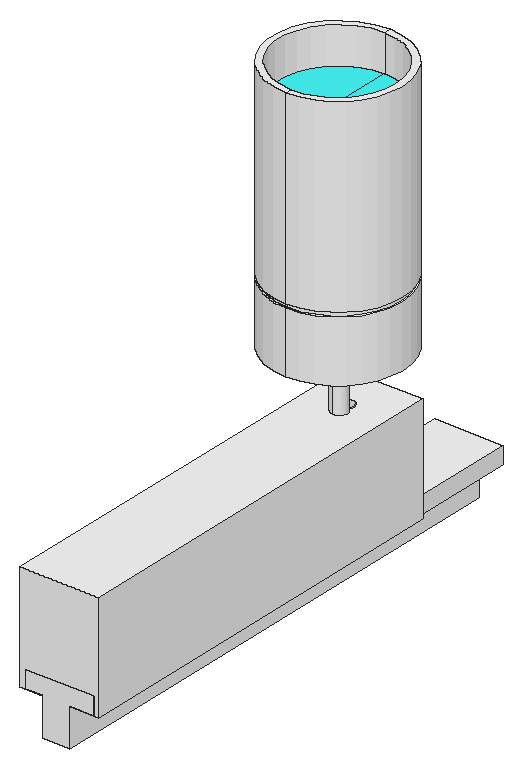
Revit family "Lighting_Ceiling-Mounted_Reggiani_EVO-60mm-Precision", category Modelli generici, host Superficie, Revit 2016
Family settings
  Host = Superficie
  Tipo di parte = Normale
  Può ospitare armatura = No
  Quota connettore circolare = Usa diametro
  Taglio con vuoti quando caricato = No
  Condiviso = No
  Punto di calcolo locali = No
Parameters (values of type "Reggiani EVO  Ø 60 mm  Precision- mod GH84  K- B- E")
  rotation light [instance] = 90.00°
  body = Reggiani Alluminio  white
  Youtube clip = ""
  Weight Net (Kg) = "0.65"
  Uniformat II Description = ""
  Uniformat II Code = ""
  Uniclass 2015 Name = "Lighting tracks"
  Uniclass 2015 Code = "Pr_70_70_48_47"
  Uniclass 2.0 Description = "Lighting Tracks"
  Uniclass 2.0 Code = "PR-70-50-46"
  Uniclass 1.4 Description = "Lighting track"
  Uniclass 1.4 Code = "L747363"
  URL = "http://www.reggiani.net/yori-system/famiglia/yori-evo-box"
  UNSPSC Code = "3911"
  Technical description = "http://www.reggiani.net/wp-content/plugins/icon-catalog/icon-catalog-assets/1/3/gen_file_20/Reggiani_Yori Brochure_Mains Voltage (10).pdf"
  Rotation oriz = 90.00°
  Region South America = "None"
  Region Oceania = "None"
  Region North America = "AG, AI, AW, BB, BL, BM, BQ, BS, BZ, CA, CR, CU, CW, DM, DO, GD, GL, GP, GT, HN, HT, JM, KN, KY, LC, MF, MQ, MS, MX, NI, PA, PM, PR, SV, SX, TC, TT, US, VC, VG, VI"
  Region Middle East = "None"
  Region Europe = "AD, AL, AT, AX, BA, BE, BG, BY, CH, CY, CZ, DE, DK, EE, ES, FI, FO, FR, GB, GG, GI, GR, HR, HU, IE, IM, IS, IT, JE, LI, LT, LU, LV, MC, MD, ME, MK, MT, NL, NO, PL, PT, RO, RS, RU, SE, SI, SJ, SK, SM, UA, VA"
  Region Asia = "None"
  Region Antarctica = "None"
  Region Africa = "None"
  QR code = "http://bimobject.com/reggiani/product/yori_evo_box_60-precision"
  Default Elevation = 1219.2 mm
  Produttore = "Reggiani Spa Illuminazione\r\nViale Monza 16, \r\n20845 Sovico (MB) Italia"
  Product url = "http://www.reggiani.net/yori-system/family/yori-evo-box"
  Product group = "Yori"
  Product family = "Track fixture"
  Product data url = "https://bimobject.com/reggiani/product/yori_evo_box_60-precision"
  Product certification = "http://www.reggiani.net/wp-content/plugins/icon-catalog/icon-catalog-assets/1/3/gen_file_17/CB_Yori%20Evo.pdf"
  Product SKU = "yori_evo_box_60-precision"
  Product Guid = "75f4136e-69e7-4abb-973d-4706fd41289a"
  OmniClass Description = "Lighting Tracks"
  OmniClass Code = "23-35 47 21 17"
  Nominal width = 60 mm
  Nominal height = 117 mm
  NBS Reference Description = "Lighting Tracks"
  NBS Reference Code = "70-50-46"
  Modello = "Reggiani EVO  Ø 60 mm  Precision- mod GH84  K- B- E"
  Material secondary = ""
  Material main = "Aluminium"
  Masterformat 2014 Description = ""
  Masterformat 2014 Code = ""
  Manufacturer name = "Reggiani"
  Manufacturer country = "Italy"
  Installation instructions = "http://www.reggiani.net/wp-content/plugins/icon-catalog/icon-catalog-assets/1/3/gen_file_8/I.M.%20Yori_Evo_Box.pdf"
  IFC Classification = "Light Fixture"
  GTIN code = ""
  Edition number = 1
  Design country = "Italy"
  Date of publishing = ""
  COBIe Type Category = ""
  Brand url = "http://www.reggiani.net/en/"
  BIMobject main category code = "lighting"
  BIMobject main category = "Lighting"
  BIMobject category code = "lighting-ceiling-mounted"
  BIMobject category = "Ceiling Mounted"
Types (3, lengths in mm): name | body | Modello
  Reggiani EVO  Ø 60 mm  Precision- mod GH82  K- B- E | Reggiani Alluminio  black | "Reggiani EVO  Ø 60 mm  Precision- mod GH82  K- B- E"
  Reggiani EVO  Ø 60 mm  Precision- mod GH83  K- B- E | Reggiani Alluminio  black | "Reggiani EVO  Ø 60 mm  Precision- mod GH83  K- B- E"
  Reggiani EVO  Ø 60 mm  Precision- mod GH84  K- B- E | Reggiani Alluminio  white | "Reggiani EVO  Ø 60 mm  Precision- mod GH84  K- B- E"
Reference planes
  plane 1 "Centro (Fronte/Retro)": y = 0
  plane 2: z = 0.044
  plane 3 "Centro (Sinistra/Destra)": x = -2.919
  plane 4: z = 81.402
Forms (mm)
  Extrusion 1, solid, material "Reggiani Alluminio  white" <- "body"
    sketch origin (0, 0, 0) x (1, 0, 0) y (0, 0, 1)
      loop
        line (-20.487, 49.762) -> (-20.487, 0.044) -> (16.013, 0.044) -> (16.013, 49.762) -> (-20.487, 49.762)
    from -20.106 to 167.395
  Extrusion 2, solid
    sketch origin (-2.919, 0, 0) x (0, 1, 0) y (-1, 0, 0)
      loop
        circle (0, 0) r 3.086
      loop
        circle (0.888, 1.753) r 0.865
    from 49.762 to 50.017
  Extrusion 3, solid, material "Reggiani Alluminio  white" <- "body"
    sketch origin (-2.919, 0, 81.402) x (0.559193, 0, 0.829038) y (-0.829038, 0, 0.559193)
      loop
        line (-69.28, -28.672) -> (-75.82, -33.084) -> (-71.495, -39.496) -> (-86.102, -49.349) -> (-79.069, -59.776) -> (-64.498, -49.948) -> (-58.259, -59.199) -> (-51.682, -54.762) -> (-69.28, -28.672)
    from -69.366 to 167.395
Lines and regions (mm)
  reference lines
    curve 1: line (-2.919, 0, 0) -> (-2.919, 13.672, 0)
Dimensions and locks
  locked: plane 4 to host face at 81.358
  locked: Extrusion 1 to host face at 49.718
  "Rotation oriz": angle plane 1 "Centro (Fronte/Retro)" to curve 1
  aligned and locked: plane 2 to host face
  aligned and locked: level to host face
  aligned and locked: plane 1 "Centro (Fronte/Retro)" to curve 1
  aligned and locked: plane 3 "Centro (Sinistra/Destra)" to curve 1
  aligned and locked: Extrusion 2 to Extrusion 1
Automatic sketch dimensions
  host sketch curve to host sketch curve = 138.228 mm
  host sketch curve to host sketch curve = 109.922 mm
  level to Extrusion 1 sketch curve = 0.044 mm
  Extrusion 1 sketch curve to plane 3 "Centro (Sinistra/Destra)" = 17.567 mm
  plane 3 "Centro (Sinistra/Destra)" to Extrusion 1 sketch curve = 18.933 mm
  plane 4 to Extrusion 1 sketch curve = 31.64 mm
  Extrusion 2 sketch curve to curve 1 = 0 mm  (x2)
  curve 1 to Extrusion 2 sketch curve = 0.888 mm
  curve 1 to Extrusion 2 sketch curve = 1.753 mm
  Extrusion 3 sketch curve to plane 2 = 0 mm  (x2)
  Extrusion 3 sketch curve to level = 0 mm
  Extrusion 3 sketch curve to plane 3 "Centro (Sinistra/Destra)" = 7.236 mm
  Extrusion 3 sketch curve to level = 17.576 mm
  Extrusion 3 sketch curve to Extrusion 3 sketch curve = 7.033 mm
  Extrusion 3 sketch curve to Extrusion 3 sketch curve = 4.325 mm
  Extrusion 3 sketch curve to Extrusion 3 sketch curve = 6.541 mm
  Extrusion 3 sketch curve to Extrusion 3 sketch curve = 6.24 mm
  radius of Extrusion 2 sketch curve = 3.086 mm
  radius of Extrusion 2 sketch curve = 0.865 mm
Nested families
  nested 1: "Yori evo- frame 1" at (-2.6, -2.081, 50.017) x (0, 1, 0) z (0, 0, 1), rotation light <- "rotation light", Body white <- "body", type "Yori evo- frame 1"
    with rotation light 90.00°, Body white Reggiani Alluminio  white
  nested 2: "Famiglia1" at (-2.6, -6.029, 177.946) x (-1, 0, 0) z (0, 0, 1), type "Famiglia1"
Connectors
  electrical at (-3.866, -49.014, -17.576)
    settings: on Extrusion 3, index 1, voltage 0 V, apparent load 0 VA, apparent load phase1 0 VA, apparent load phase2 0 VA, apparent load phase3 0 VA, power factor 1, load classification "Altro", number of poles 1, system type 31, power factor state 1, is connector primary yes, connector utility no, sub classification motor no, connector description ""
Definition of nested family "Yori evo- frame 1"
  Parameters (values of type "Yori evo- frame 1")
    rotation light [instance] = 90.00°
    Default Elevation = 1219.2 mm
    Lens = none
    Body white [instance] = none
  Reference planes
    plane 1 "Centro (Fronte/Retro)": y = 0
    plane 2: z = -1.258
    plane 3 "Centro (Sinistra/Destra)": x = -2.919
    plane 4: z = 48.946
  Forms (mm)
    Extrusion 1, solid
      sketch origin (-3.719, 0, 21.38) x (1, 0, 0) y (0, 1, 0)
        loop
          line (-1219.2, 1219.2) -> (-1219.2, -1219.2) -> (1219.2, -1219.2) -> (1219.2, 1219.2) -> (-1219.2, 1219.2)
      from -22.638 to -304.8
    Revolve 2, solid, material <- "Body white"
      sketch origin (-3.758, 0, 48.625) x (0, 0, 1) y (-1, 0, 0)
        loop
          line (96.338, 30.049) -> (8.887, 30.049) -> (8.887, 29.015) -> (6.887, 29.015) -> (6.887, 30.049) -> (-21.571, 30.049) -> (-21.571, 0.785) -> (-18.848, 0.785) -> (-18.848, 27.049) -> (96.338, 27.049) -> (96.338, 30.049)
        axis (96.338, 0) -> (-21.571, 0)
      angle from 0 to 360
    Extrusion 3, solid, material <- "Body white"
      sketch origin (0, 0, 21.38) x (1, 0, 0) y (0, 1, 0)
        loop
          circle (-2.919, 0) r 3.676
      from 25 to -22.638
    Revolve 4, solid, material <- "Lens"
      sketch origin (-3.145, 0, 58.952) x (0, 0, 1) y (-1, 0, 0)
        loop
          line (68.977, 26.778) -> (66.756, 26.778) -> (66.756, 1.103) -> (68.977, 1.103) -> (68.977, 26.778)
        axis (68.977, 0) -> (66.756, 0)
      angle from 0 to 360
  Lines and regions (mm)
    reference lines
      curve 1: line (-2.919, 0, 48.946) -> (-2.919, 0, 113.821)
  Dimensions and locks
    "rotation light": angle plane 4 to curve 1
    aligned and locked: plane 2 to Extrusion 1
    aligned and locked: plane 3 "Centro (Sinistra/Destra)" to curve 1
    aligned and locked: plane 4 to curve 1
  Automatic sketch dimensions
    Extrusion 1 sketch curve to Extrusion 1 sketch curve = 2438.4 mm  (x2)
    plane 1 "Centro (Fronte/Retro)" to Extrusion 3 sketch curve = 0 mm
    plane 3 "Centro (Sinistra/Destra)" to Extrusion 3 sketch curve = 0 mm
    curve 1 to Revolve 4 sketch curve = 11.887 mm
    Revolve 4 sketch curve to Revolve 4 sketch curve = 2.221 mm
    Revolve 4 sketch curve to curve 1 = 1.329 mm
    curve 1 to Revolve 4 sketch curve = 27.004 mm
    Revolve 4 sketch curve to curve 1 = 0.226 mm
    curve 1 to Revolve 4 sketch curve = 5.104 mm
    Revolve 4 sketch curve to Revolve 4 sketch curve = 2.37 mm
    Revolve 2 sketch curve to curve 1 = 1.624 mm
    Revolve 2 sketch curve to curve 1 = 21.892 mm
    Revolve 2 sketch curve to Revolve 2 sketch curve = 2.722 mm
    curve 1 to Revolve 2 sketch curve = 6.566 mm
    Revolve 2 sketch curve to Revolve 2 sketch curve = 2 mm
    Revolve 2 sketch curve to curve 1 = 27.888 mm
    curve 1 to Revolve 2 sketch curve = 29.854 mm
    Revolve 2 sketch curve to Revolve 2 sketch curve = 3 mm
    curve 1 to Revolve 2 sketch curve = 0.731 mm
    Revolve 2 sketch curve to curve 1 = 0.839 mm
    Revolve 2 sketch curve to Revolve 2 sketch curve = 9.099 mm
    curve 1 to Revolve 2 sketch curve = 31.142 mm
    Revolve 2 sketch curve to Revolve 2 sketch curve = 1.034 mm
    radius of Extrusion 3 sketch curve = 3.676 mm
Definition of nested family "Famiglia1"
  Parameters (values of type "Famiglia1")
    Wattage = 9.2903 W
    Dimming Lamp Color Temperature Shift = (empty or 0)
    built-in parameter 1150107 = 3200 (stored number, unit not read)
    Default Elevation = 1219.2 mm
    built-in parameter 1150110 = 1 (stored number, unit not read)
    built-in parameter 1150109 = 1 (stored number, unit not read)
    built-in parameter 1114218 = 1 (stored number, unit not read)
    built-in parameter 1150112 = 1 (stored number, unit not read)
    built-in parameter 1150137 = (empty or 0)
    built-in parameter 1150132 = (empty or 0)
    built-in parameter 1150105 = 109.82 (stored number, unit not read)
    built-in parameter 1150102 = (empty or 0)
    built-in parameter 1150106 = 1.0982 (stored number, unit not read)
    Lumens = 1380 lm
    Color Filter = 16777215
    Photometric Web File = "BG03B_NN_12,5W_9D.ies"
    built-in parameter 1114217 = 1 (stored number, unit not read)
    built-in parameter 1150139 = (empty or 0)
    built-in parameter 1150104 = 13.8 (stored number, unit not read)
    built-in parameter 1150115 = 1 (stored number, unit not read)
    built-in parameter 1150114 = 1 (stored number, unit not read)
    built-in parameter 1150113 = 1 (stored number, unit not read)
    built-in parameter 1150134 = 3
    built-in parameter 1150138 = (empty or 0)
    Tilt Angle = 90.00°
    built-in parameter 1150133 = 10 (stored number, unit not read)
  Reference planes
    plane 1 "Centro (Fronte/Retro)": y = 0
    plane 2: z = 0
    plane 3 "Centro (Sinistra/Destra)": x = 0
  Forms (mm)
    Extrusion 1, solid
      sketch origin (0, 0, 0) x (1, 0, 0) y (0, 1, 0)
        loop
          line (-1219.2, 1219.2) -> (-1219.2, -1219.2) -> (1219.2, -1219.2) -> (1219.2, 1219.2) -> (-1219.2, 1219.2)
      from 0 to -304.8
  Dimensions and locks
    aligned and locked: plane 2 to Extrusion 1
    aligned and locked: level to Extrusion 1
